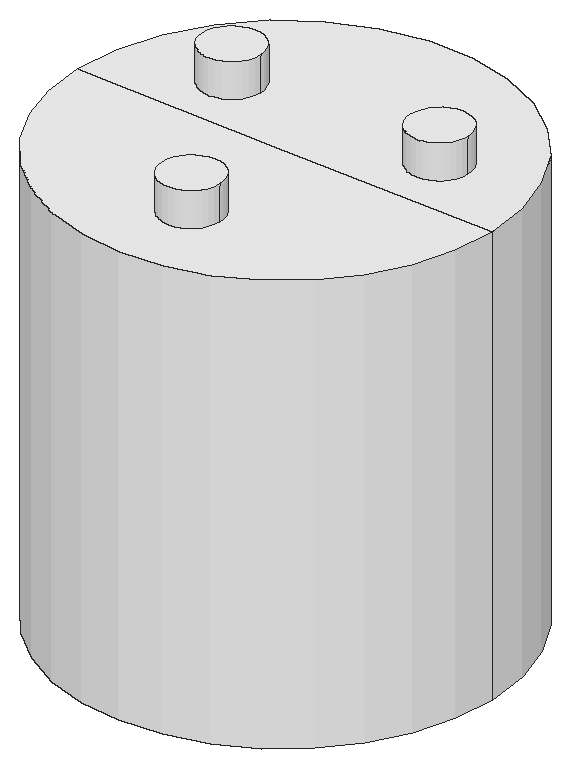
Revit family "Rax 150 surface", category Lighting Fixtures, host Ceiling, Revit 2014
Parameters (values of type "Rax 150 Surface")
  WarrantyGuarantorParts = "n/a"
  WarrantyDurationParts = "n/a"
  WarrantyDescription = "n/a"
  Version = "v.1.0"
  Uniclass2 = "Pr_70_70_49_43 Light-Emitting Diode (LED) Luminaires"
  Uniclass 1.4 = "JY73"
  URL = "http://riegens.co.uk/rax-150-surface"
  Type Mark = ""
  TotalWattage = "Max. 17W / 23W"
  TagNumber = "n/a"
  SustainabilityPerformance = "n/a"
  SupplyCircuitConductorConnections = "n/a"
  Size = "Ø173 mm"
  Shape = "Circle"
  ProductInformation = "http://riegens.co.uk/rax-150-surface"
  PhotometricPerformance = "In accordance with BS EN 13032-1"
  PhaseReference = "IEC recommendations"
  Optics = Riegens_Satin-matt
  Optic = "Plain, white or satin-matt reflector"
  NominalVoltage = "220-240V"
  ModelReference = "Rax 150 Surface"
  Model = "Rax 150 Surface"
  Material = "Aluminium"
  ManufacturersSpecificInformation = "n/a"
  ManufacturerURL = "www.riegens.com"
  Manufacturer = "Riegens A/S"
  LuminaireType = "Recessed Direct, Narrow beam, Asymmetric LED Luminaire"
  LuminairePowerFactor = ">0,9"
  LightSource = "LED 3000K / 4000K"
  LightFixturePlacingType = "Ceiling"
  LightFixtureMountingType = "Surface"
  LampType = "LED"
  LampRating = "15W / 21W "
  LampColourRenderingIndex = "Ra>80 / Ra>90"
  InternalFuse = "Only required in emergency versions"
  InsulationStandardClass = "Class 1"
  IfcExportType = "NOTDEFINED'"
  IfcExportAs = "IfcLightFixtureType'"
  IP_Code = "IP20"
  Height 2 = 203 mm
  Height 1 = 189 mm
  HasProtectiveEarth = "TRUE"
  Grade = "n/a"
  Frame = Riegens_Aluminium_Powder coated white gloss 25
  Finish = "Powder coated"
  Features = "n/a"
  Documentation = "See URL hyperlink"
  DocumentReference = "See URL hyperlink"
  Diameter 1 = 173 mm
  Description = "70-80-35 General Lighting Systems"
  ControlGearPosition = "Integrated "
  Constituents = "n/a"
  Colour = "White"
  CodePerformance = "n/a"
  CCSTopnode = "L"
  CCSClassName = "Belysningsarmatur"
  CCSClassCode = "UAC"
  BarCode = "n/a"
  BallastsCELMAEnergyEfficiencyIndex = "Class A1/A2"
  BSAB 96 = "SNB.2"
  BIMObjectName = "Rax 150 Surface.rfa"
  Author = "3dbyggeri"
  AssetType = "Moveable/Fixed"
  AssetIdentifier = "n/a"
  ArticleNumber = "See URL hyperlink"
  Apparent Load = 240 VA
  AccessibilityPerformance = "n/a"
Reference planes
  plane 1 "Light Source Axis (F/B)": y = 0
  plane 2: z = 0
  plane 3 "Light Source Axis (L/R)": x = 0
  plane 4 "Ceiling": z = 0
  plane 5 "Light Source Elevation": z = -7
  plane 6: z = -21
Dimensions and locks
  equal spacing: host sketch curve, plane 3 "Light Source Axis (L/R)", host sketch curve
  equal spacing: host sketch curve, plane 1 "Light Source Axis (F/B)", host sketch curve
  host sketch curve to host sketch curve = 4000 mm  (x2)
  plane 4 "Ceiling" to host ceiling = 0 mm
  aligned and locked: plane 4 "Ceiling" to level
  aligned and locked: plane 3 "Light Source Axis (L/R)" to nested 1
Nested families
  nested 1: "Rax 150 surface - Generic" at (0, 0, -1.466), type "Rax 150 Surface"
    with Visible yes, Switch ID "", Panel "", Moves With Nearby Elements no, Mark "1", Electrical Data "", Comments "", built-in parameter 1114216 (empty or 0), Circuit Number "", built-in parameter 1140040 (empty or 0)
Definition of nested family "Rax 150 surface - Generic"
  Parameters (values of type "Rax 150 Surface")
    Wattage Comments = ""
    Wattage = 21 W
    WarrantyGuarantorParts = "n/a"
    WarrantyDurationParts = "n/a"
    WarrantyDescription = "n/a"
    built-in parameter 1150110 = 1 (stored number, unit not read)
    Visible [instance] = yes
    Version = "v.1.0"
    Uniclass2 = "Pr_70_70_49_43 Light-Emitting Diode (LED) Luminaires"
    Uniclass 1.4 = "JY73"
    URL = "http://riegens.co.uk/rax-150-surface"
    Type Mark = ""
    TotalWattage = "Max. 17W / 23W"
    built-in parameter 1114217 = 1 (stored number, unit not read)
    Tilt Angle = 90.00°
    built-in parameter 1150109 = 1 (stored number, unit not read)
    built-in parameter 1150134 = 12
    TagNumber = "n/a"
    Switch ID [instance] = ""
    SustainabilityPerformance = "n/a"
    built-in parameter 1150113 = 1 (stored number, unit not read)
    SupplyCircuitConductorConnections = "n/a"
    Size = "Ø173 mm"
    Shape = "Circle"
    ProductInformation = "http://riegens.co.uk/rax-150-surface"
    PhotometricPerformance = "In accordance with BS EN 13032-1"
    Photometric Web File = "RaX Surface 150 21W LED 4000K Ra80 Refl. Satinmatt.ies"
    PhaseReference = "IEC recommendations"
    Panel [instance] = ""
    Optics = Riegens_Satin-matt
    Optic = "Plain, white or satin-matt reflector"
    OmniClass Title = "Luminaries for Internal Lighting"
    OmniClass Number = "23.80.70.11"
    NominalVoltage = "220-240V"
    Moves With Nearby Elements [instance] = no
    ModelReference = "Rax 150 Surface"
    Model = "Rax 150 Surface"
    Material = "Aluminium"
    Mark [instance] = "1"
    ManufacturersSpecificInformation = "n/a"
    ManufacturerURL = "www.riegens.com"
    Manufacturer = "Riegens A/S"
    built-in parameter 1150105 = 165.44 (stored number, unit not read)
    Lumens = 2079 lm
    LuminaireType = "Recessed Direct, Narrow beam, Asymmetric LED Luminaire"
    LuminairePowerFactor = ">0,9"
    built-in parameter 1150115 = 1 (stored number, unit not read)
    LightSource = "LED 3000K / 4000K"
    LightFixturePlacingType = "Ceiling"
    LightFixtureMountingType = "Surface"
    Light Source Definition (family) = "Point+HemiSpherical"
    built-in parameter 1150137 = (empty or 0)
    built-in parameter 1150139 = (empty or 0)
    LampType = "LED"
    LampRating = "15W / 21W "
    LampColourRenderingIndex = "Ra>80 / Ra>90"
    built-in parameter 1150112 = 1 (stored number, unit not read)
    built-in parameter 1150114 = 1 (stored number, unit not read)
    Lamp = ""
    InternalFuse = "Only required in emergency versions"
    InsulationStandardClass = "Class 1"
    built-in parameter 1150132 = (empty or 0)
    built-in parameter 1150102 = (empty or 0)
    built-in parameter 1150107 = 4000 (stored number, unit not read)
    built-in parameter 1150138 = (empty or 0)
    built-in parameter 1150106 = 1.6544 (stored number, unit not read)
    IfcExportType = "NOTDEFINED'"
    IfcExportAs = "IfcLightFixtureType'"
    IP_Code = "IP20"
    Height 2 = 203 mm
    Height 1 = 189 mm
    HasProtectiveEarth = "TRUE"
    Grade = "n/a"
    Frame = Riegens_Aluminium_Powder coated white gloss 25
    Finish = "Powder coated"
    Features = "n/a"
    Electrical Data [instance] = ""
    built-in parameter 1150104 = 9.1974 (stored number, unit not read)
    Documentation = "See URL hyperlink"
    DocumentReference = "See URL hyperlink"
    Dimming Lamp Color Temperature Shift = (empty or 0)
    Diameter 1 = 173 mm
    Description = "70-80-35 General Lighting Systems"
    ControlGearPosition = "Integrated "
    Constituents = "n/a"
    Comments [instance] = ""
    Colour = "White"
    Color Filter = 16777215
    built-in parameter 1114216 [instance] = (empty or 0)
    CodePerformance = "n/a"
    Circuit Number [instance] = ""
    built-in parameter 1140040 [instance] = (empty or 0)
    CCSTopnode = "L"
    CCSClassName = "Belysningsarmatur"
    CCSClassCode = "UAC"
    BarCode = "n/a"
    BallastsCELMAEnergyEfficiencyIndex = "Class A1/A2"
    built-in parameter 1114218 = 1 (stored number, unit not read)
    BSAB 96 = "SNB.2"
    BIMObjectName = "Rax 150 Surface.rfa"
    Author = "3dbyggeri"
    built-in parameter 1150133 = 10 (stored number, unit not read)
    AssetType = "Moveable/Fixed"
    AssetIdentifier = "n/a"
    Assembly Description = ""
    Assembly Code = ""
    ArticleNumber = "See URL hyperlink"
    Apparent Load = 240 VA
    AccessibilityPerformance = "n/a"
  Reference planes
    plane 1 "Center (Front/Back)": y = 0
    plane 2: z = 0
    plane 3 "Center (Left/Right)": x = 0
  Dimensions and locks
    aligned and locked: level to plane 2
  Nested families
    nested 1: "Rax 150 surface- Dummy" at (0, 0, 0), type "Standard"
  Connectors
    electrical at (-1.097, 0, -14)
      settings: on nested 1, index 1, voltage 0 V, apparent load 0 VA, apparent load phase1 0 VA, apparent load phase2 0 VA, apparent load phase3 0 VA, power factor 1, load classification "Other", number of poles 1, system type 31, power factor state 1, is connector primary yes, connector utility no, sub classification motor no, connector description ""
  Definition of nested family "Rax 150 surface- Dummy"
    Parameters (values of type "Standard")
      Wattage Comments = ""
      Optics = Riegens_Satin-matt
      Lamp = ""
      Height 2 = 203 mm
      Height 1 = 189 mm
      Frame = Riegens_Aluminum_powder coated white gloss 25
      Diameter 1 = 173 mm
    Reference planes
      plane 1 "Light Source Axis (F/B)": y = 0
      plane 2: z = 0
      plane 3 "Light Source Axis (L/R)": x = 0
      plane 4 "Ceiling": z = 0
      plane 5 "Light Source Elevation": z = -189
      plane 6: z = 0
      plane 7: z = 14
      plane 8: x = -60
      plane 9: z = -139
      plane 10: z = -144
      plane 11: x = -61
      plane 12: z = -138
      plane 13: x = -10
      plane 14: x = -11
    Forms (mm)
      Extrusion 1, void
        sketch origin (0, 0, -189) x (-1, 0, 0) y (0, -1, 0)
          loop
            circle (0, 0) r 60
        from 0 to 2
      Revolve 2, solid, material "Riegens_Aluminum_powder coated white gloss 25" <- "Frame"
        sketch origin (-1.097, 0, -232.616) x (1, 0, 0) y (0, 0, 1)
          loop
            line (0, 218.616) -> (-86.582, 218.616) -> (-86.582, 43.616) -> (-59.903, 43.616) -> (-8.903, 94.616) -> (0, 94.616) -> (0, 218.616)
          axis (0, 218.616) -> (0, 43.616)
        angle from 0 to 360
      Extrusion 3, solid, material "Riegens_Aluminum_powder coated white gloss 25"
        sketch origin (0, 0, 0) x (1, 0, 0) y (0, 1, 0)
          loop
            circle (0, -50.19) r 12
          loop
            circle (-43.35, 25.031) r 12
          loop
            circle (43.369, 25.031) r 12
        from 0 to -14
      Revolve 4, solid
        sketch origin (0, 0, 0) x (1, 0, 0) y (0, 0, 1)
          loop
            line (-61.017, -189.017) -> (-60.017, -189.017) -> (-10, -139) -> (0, -139) -> (0, -138) -> (-10, -138) -> (-61.017, -189.017)
          axis (0, -138) -> (0, -189.017)
        angle from 0 to 360
    Cuts and joins
      Extrusion 1 cuts Revolve 2
    Dimensions and locks
      equal spacing: host sketch curve, plane 3 "Light Source Axis (L/R)", host sketch curve
      equal spacing: host sketch curve, plane 1 "Light Source Axis (F/B)", host sketch curve
      host sketch curve to host sketch curve = 4000 mm  (x2)
      locked: plane 4 "Ceiling" to host ceiling at 0
      locked: plane 7 to plane 5 "Light Source Elevation" at 203
      locked: plane 6 to plane 5 "Light Source Elevation" at 189
      plane 6 to plane 7 = 14 mm
      locked: plane 5 "Light Source Elevation" to level at 189
      plane 5 "Light Source Elevation" to plane 7 = 203 mm
      diameter of cut or joined group of Extrusion 1, Revolve 2 = 173.164 mm
      aligned and locked: Extrusion 3 to plane 6
